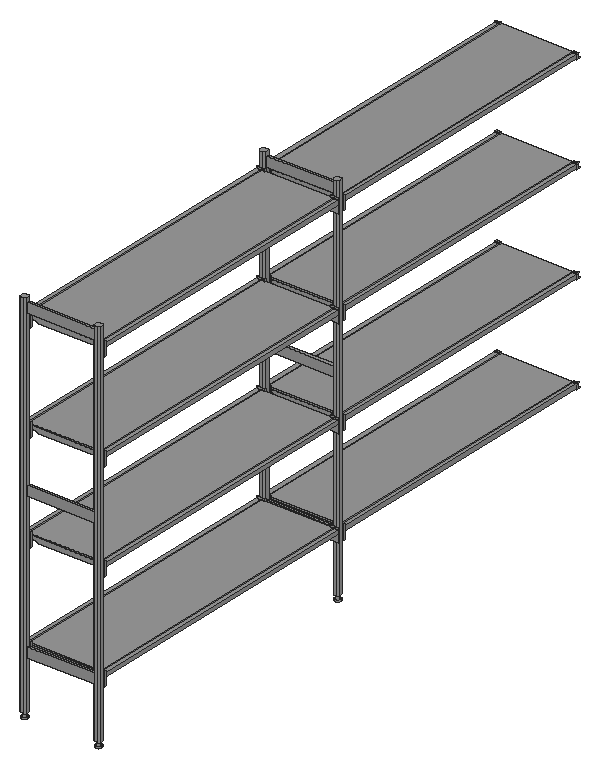
Revit family "QF_ELECTROLUXPROFESSIONAL_137068_ACS2728", category Attrezzature speciali, Revit 2020 (continued)
Definition of nested family "WT_Aggancio373"
  Lines and regions (mm)
    symbolic lines
      curve 6: line (-412, 23, 0) -> (-412, 3.978, 0)
      curve 7: line (-408, 23, 0) -> (-412, 23, 0)
      curve 8: line (-408, 3.978, 0) -> (-408, 23, 0)
  Dimensions and locks
    "Height": plane 5 "TOP" to level
    "Depth": plane 3 "BACK" to plane 4 "FRONT"
    "Dint": plane 7 to plane 8
    equal spacing: plane 7, plane 6 "Center (Front/Back)", plane 8
    equal spacing: plane 3 "BACK", plane 6 "Center (Front/Back)", plane 4 "FRONT"
    plane 9 "FEET" to level = 25.0 mm
    plane 5 "TOP" to plane 9 "FEET" = 1700.0 mm
    plane 10 to plane 9 "FEET" = 250.0 mm
    plane 11 to plane 10 = 450.0 mm
    plane 12 to plane 11 = 450.0 mm
    plane 13 to plane 12 = 450.0 mm
    locked: plane 3 "BACK" to plane 15 "CYBack" at 17.5
    locked: plane 16 "CYFront" to plane 4 "FRONT" at 17.5
    aligned and locked: level to plane 1
    aligned and locked: Extrusion 1 sketch curve to Extrusion 1 sketch curve  (x3)
  Automatic sketch dimensions
    plane 16 "CYFront" to Extrusion 1 sketch curve = 1.478 mm  (x4)
    Extrusion 1 sketch curve to Extrusion 1 sketch curve = 2.0 mm
    plane 8 to Extrusion 1 sketch curve = 3.478 mm  (x4)
    Extrusion 1 sketch curve to plane 10 = 4.006 mm
    Extrusion 1 sketch curve to Extrusion 1 sketch curve = 34.0 mm  (x4)
    Extrusion 1 sketch curve to plane 11 = 4.006 mm
    Extrusion 1 sketch curve to plane 12 = 4.006 mm
    Extrusion 1 sketch curve to plane 13 = 4.006 mm
    Extrusion 1 sketch curve to plane 7 = 37.522 mm  (x4)
    Extrusion 1 sketch curve to plane 7 = 3.522 mm  (x4)
    plane 14 to Extrusion 1 sketch curve = 3.516 mm  (x4)
    plane 14 to Extrusion 1 sketch curve = 1.522 mm  (x4)
    plane 10 to Extrusion 1 sketch curve = 7.998 mm  (x2)
    Extrusion 1 sketch curve to Extrusion 1 sketch curve = 11.498 mm  (x4)
    Extrusion 1 sketch curve to Extrusion 1 sketch curve = 6.499 mm  (x8)
    plane 11 to Extrusion 1 sketch curve = 7.998 mm  (x2)
    plane 12 to Extrusion 1 sketch curve = 7.998 mm  (x2)
    plane 13 to Extrusion 1 sketch curve = 7.998 mm  (x2)
    plane 2 "LEFT" to Extrusion 2 sketch curve = 0.0 mm  (x4)
    plane 13 to Extrusion 2 sketch curve = 7.996 mm
    plane 11 to Extrusion 2 sketch curve = 7.996 mm
    Extrusion 2 sketch curve to Extrusion 2 sketch curve = 5.0 mm  (x4)
    plane 11 to Extrusion 2 sketch curve = 2.494 mm
    plane 10 to Extrusion 2 sketch curve = 28.996 mm
    Extrusion 2 sketch curve to Extrusion 2 sketch curve = 3.0 mm  (x4)
    plane 10 to Extrusion 2 sketch curve = 7.996 mm
    plane 10 to Extrusion 2 sketch curve = 2.494 mm
    Extrusion 2 sketch curve to Extrusion 2 sketch curve = 18.0 mm  (x3)
    plane 12 to Extrusion 2 sketch curve = 2.494 mm
    plane 12 to Extrusion 2 sketch curve = 7.996 mm
    plane 13 to Extrusion 2 sketch curve = 2.494 mm
    plane 2 "LEFT" to Extrusion 3 sketch curve = 0.0 mm  (x4)
    plane 13 to Extrusion 3 sketch curve = 7.996 mm
    plane 11 to Extrusion 3 sketch curve = 7.996 mm
    Extrusion 3 sketch curve to Extrusion 3 sketch curve = 5.0 mm  (x4)
    plane 11 to Extrusion 3 sketch curve = 2.494 mm
    plane 10 to Extrusion 3 sketch curve = 28.996 mm
    Extrusion 3 sketch curve to Extrusion 3 sketch curve = 3.0 mm  (x4)
    plane 10 to Extrusion 3 sketch curve = 7.996 mm
    plane 10 to Extrusion 3 sketch curve = 2.494 mm
    Extrusion 3 sketch curve to Extrusion 3 sketch curve = 18.0 mm  (x3)
    plane 12 to Extrusion 3 sketch curve = 2.494 mm
    plane 12 to Extrusion 3 sketch curve = 7.996 mm
    plane 13 to Extrusion 3 sketch curve = 2.494 mm
    plane 2 "LEFT" to curve 1 = 5.0 mm
    plane 2 "LEFT" to curve 7 = 5.0 mm
    curve 1 to plane 16 "CYFront" = 17.5 mm
    curve 3 to plane 8 = 12.522 mm
    plane 7 to curve 5 = 12.478 mm
    curve 7 to plane 14 = 17.5 mm
    curve 5 to curve 5 = 4.0 mm
    curve 1 to curve 4 = 4.0 mm
    Extrusion 2 sketch curve to Extrusion 2 sketch curve = 4.0 mm  (x4)
    Extrusion 2 sketch curve to Extrusion 2 sketch curve = 8.969 mm  (x4)
    Extrusion 3 sketch curve to Extrusion 3 sketch curve = 4.0 mm  (x4)
    Extrusion 3 sketch curve to Extrusion 3 sketch curve = 8.969 mm  (x4)
